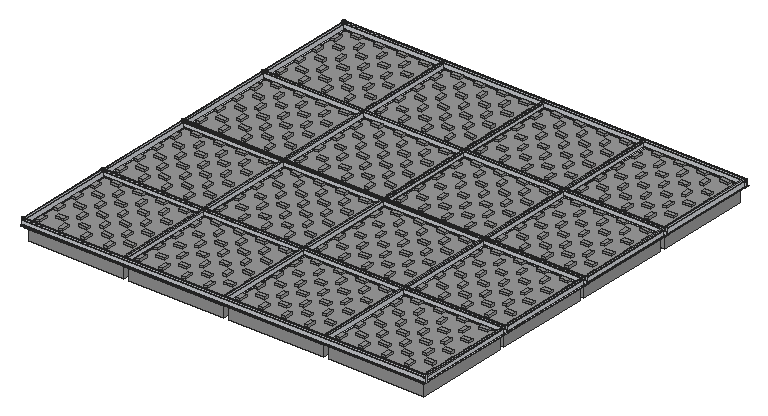
Revit family "GRD-FPG-011_RFA", category Modelos genéricos, Revit 2022 (continued)
Forms (in)
  Extrusion 341, solid
    sketch origin (10.90256, -82.93011, 0) x (1, 0, 0) y (0, 1, 0)
      loop
        line (3.29187, 95.84361) -> (3.29187, 94.89864) -> (5.29187, 94.89864) -> (5.29187, 95.84361) -> (3.29187, 95.84361)
    from 0.55734 to 1.02978
  Extrusion 342, solid
    sketch origin (16.35384, -82.93011, 0) x (1, 0, 0) y (0, 1, 0)
      loop
        line (3.29187, 95.84361) -> (3.29187, 94.89864) -> (5.29187, 94.89864) -> (5.29187, 95.84361) -> (3.29187, 95.84361)
    from 0.55734 to 1.02978
  Extrusion 343, solid
    sketch origin (0, -88.38139, 0) x (1, 0, 0) y (0, 1, 0)
      loop
        line (3.29187, 95.84361) -> (3.29187, 94.89864) -> (5.29187, 94.89864) -> (5.29187, 95.84361) -> (3.29187, 95.84361)
    from 0.55734 to 1.02978
  Extrusion 344, solid
    sketch origin (5.45128, -88.38139, 0) x (1, 0, 0) y (0, 1, 0)
      loop
        line (3.29187, 95.84361) -> (3.29187, 94.89864) -> (5.29187, 94.89864) -> (5.29187, 95.84361) -> (3.29187, 95.84361)
    from 0.55734 to 1.02978
  Extrusion 345, solid
    sketch origin (10.90256, -88.38139, 0) x (1, 0, 0) y (0, 1, 0)
      loop
        line (3.29187, 95.84361) -> (3.29187, 94.89864) -> (5.29187, 94.89864) -> (5.29187, 95.84361) -> (3.29187, 95.84361)
    from 0.55734 to 1.02978
  Extrusion 346, solid
    sketch origin (16.35384, -88.38139, 0) x (1, 0, 0) y (0, 1, 0)
      loop
        line (3.29187, 95.84361) -> (3.29187, 94.89864) -> (5.29187, 94.89864) -> (5.29187, 95.84361) -> (3.29187, 95.84361)
    from 0.55734 to 1.02978
  Extrusion 347, solid
    sketch origin (0, -93.83263, 0) x (1, 0, 0) y (0, 1, 0)
      loop
        line (3.29187, 95.84361) -> (3.29187, 94.89864) -> (5.29187, 94.89864) -> (5.29187, 95.84361) -> (3.29187, 95.84361)
    from 0.55734 to 1.02978
  Extrusion 348, solid
    sketch origin (5.45128, -93.83263, 0) x (1, 0, 0) y (0, 1, 0)
      loop
        line (3.29187, 95.84361) -> (3.29187, 94.89864) -> (5.29187, 94.89864) -> (5.29187, 95.84361) -> (3.29187, 95.84361)
    from 0.55734 to 1.02978
  Extrusion 349, solid
    sketch origin (10.90256, -93.83263, 0) x (1, 0, 0) y (0, 1, 0)
      loop
        line (3.29187, 95.84361) -> (3.29187, 94.89864) -> (5.29187, 94.89864) -> (5.29187, 95.84361) -> (3.29187, 95.84361)
    from 0.55734 to 1.02978
  Extrusion 350, solid
    sketch origin (16.35384, -93.83263, 0) x (1, 0, 0) y (0, 1, 0)
      loop
        line (3.29187, 95.84361) -> (3.29187, 94.89864) -> (5.29187, 94.89864) -> (5.29187, 95.84361) -> (3.29187, 95.84361)
    from 0.55734 to 1.02978
  Extrusion 351, solid
    sketch origin (-2.19813, -86.18325, 0) x (1, 0, 0) y (0, 1, 0)
      loop
        line (3.29187, 96.8986) -> (3.29187, 94.89864) -> (4.23675, 94.89864) -> (4.23675, 96.8986) -> (3.29187, 96.8986)
    from 0.55734 to 1.02978
  Extrusion 352, solid
    sketch origin (-2.19813, -91.63452, 0) x (1, 0, 0) y (0, 1, 0)
      loop
        line (3.29187, 96.8986) -> (3.29187, 94.89864) -> (4.23675, 94.89864) -> (4.23675, 96.8986) -> (3.29187, 96.8986)
    from 0.55734 to 1.02978
  Extrusion 353, solid
    sketch origin (-2.19813, -80.73196, 0) x (1, 0, 0) y (0, 1, 0)
      loop
        line (3.29187, 96.8986) -> (3.29187, 94.89864) -> (4.23675, 94.89864) -> (4.23675, 96.8986) -> (3.29187, 96.8986)
    from 0.55734 to 1.02978
  Extrusion 354, solid
    sketch origin (-2.19813, -75.28068, 0) x (1, 0, 0) y (0, 1, 0)
      loop
        line (3.29187, 96.8986) -> (3.29187, 94.89864) -> (4.23675, 94.89864) -> (4.23675, 96.8986) -> (3.29187, 96.8986)
    from 0.55734 to 1.02978
  Extrusion 355, solid
    sketch origin (3.2532, -86.18325, 0) x (1, 0, 0) y (0, 1, 0)
      loop
        line (3.29187, 96.8986) -> (3.29187, 94.89864) -> (4.23675, 94.89864) -> (4.23675, 96.8986) -> (3.29187, 96.8986)
    from 0.55734 to 1.02978
  Extrusion 356, solid
    sketch origin (3.2532, -91.63452, 0) x (1, 0, 0) y (0, 1, 0)
      loop
        line (3.29187, 96.8986) -> (3.29187, 94.89864) -> (4.23675, 94.89864) -> (4.23675, 96.8986) -> (3.29187, 96.8986)
    from 0.55734 to 1.02978
  Extrusion 357, solid
    sketch origin (3.2532, -80.73196, 0) x (1, 0, 0) y (0, 1, 0)
      loop
        line (3.29187, 96.8986) -> (3.29187, 94.89864) -> (4.23675, 94.89864) -> (4.23675, 96.8986) -> (3.29187, 96.8986)
    from 0.55734 to 1.02978
  Extrusion 358, solid
    sketch origin (3.2532, -75.28068, 0) x (1, 0, 0) y (0, 1, 0)
      loop
        line (3.29187, 96.8986) -> (3.29187, 94.89864) -> (4.23675, 94.89864) -> (4.23675, 96.8986) -> (3.29187, 96.8986)
    from 0.55734 to 1.02978
  Extrusion 359, solid
    sketch origin (8.70448, -86.18325, 0) x (1, 0, 0) y (0, 1, 0)
      loop
        line (3.29187, 96.8986) -> (3.29187, 94.89864) -> (4.23675, 94.89864) -> (4.23675, 96.8986) -> (3.29187, 96.8986)
    from 0.55734 to 1.02978
  Extrusion 360, solid
    sketch origin (8.70448, -91.63452, 0) x (1, 0, 0) y (0, 1, 0)
      loop
        line (3.29187, 96.8986) -> (3.29187, 94.89864) -> (4.23675, 94.89864) -> (4.23675, 96.8986) -> (3.29187, 96.8986)
    from 0.55734 to 1.02978
  Extrusion 361, solid
    sketch origin (8.70448, -80.73196, 0) x (1, 0, 0) y (0, 1, 0)
      loop
        line (3.29187, 96.8986) -> (3.29187, 94.89864) -> (4.23675, 94.89864) -> (4.23675, 96.8986) -> (3.29187, 96.8986)
    from 0.55734 to 1.02978
  Extrusion 362, solid
    sketch origin (8.70448, -75.28068, 0) x (1, 0, 0) y (0, 1, 0)
      loop
        line (3.29187, 96.8986) -> (3.29187, 94.89864) -> (4.23675, 94.89864) -> (4.23675, 96.8986) -> (3.29187, 96.8986)
    from 0.55734 to 1.02978
  Extrusion 363, solid
    sketch origin (14.15576, -86.18325, 0) x (1, 0, 0) y (0, 1, 0)
      loop
        line (3.29187, 96.8986) -> (3.29187, 94.89864) -> (4.23675, 94.89864) -> (4.23675, 96.8986) -> (3.29187, 96.8986)
    from 0.55734 to 1.02978
  Extrusion 364, solid
    sketch origin (14.15576, -91.63452, 0) x (1, 0, 0) y (0, 1, 0)
      loop
        line (3.29187, 96.8986) -> (3.29187, 94.89864) -> (4.23675, 94.89864) -> (4.23675, 96.8986) -> (3.29187, 96.8986)
    from 0.55734 to 1.02978
  Extrusion 365, solid
    sketch origin (14.15576, -80.73196, 0) x (1, 0, 0) y (0, 1, 0)
      loop
        line (3.29187, 96.8986) -> (3.29187, 94.89864) -> (4.23675, 94.89864) -> (4.23675, 96.8986) -> (3.29187, 96.8986)
    from 0.55734 to 1.02978
  Extrusion 366, solid
    sketch origin (14.15576, -75.28068, 0) x (1, 0, 0) y (0, 1, 0)
      loop
        line (3.29187, 96.8986) -> (3.29187, 94.89864) -> (4.23675, 94.89864) -> (4.23675, 96.8986) -> (3.29187, 96.8986)
    from 0.55734 to 1.02978
  Extrusion 367, solid
    sketch origin (19.607, -86.18325, 0) x (1, 0, 0) y (0, 1, 0)
      loop
        line (3.29187, 96.8986) -> (3.29187, 94.89864) -> (4.23675, 94.89864) -> (4.23675, 96.8986) -> (3.29187, 96.8986)
    from 0.55734 to 1.02978
  Extrusion 368, solid
    sketch origin (19.607, -91.63452, 0) x (1, 0, 0) y (0, 1, 0)
      loop
        line (3.29187, 96.8986) -> (3.29187, 94.89864) -> (4.23675, 94.89864) -> (4.23675, 96.8986) -> (3.29187, 96.8986)
    from 0.55734 to 1.02978
  Extrusion 369, solid
    sketch origin (19.607, -80.73196, 0) x (1, 0, 0) y (0, 1, 0)
      loop
        line (3.29187, 96.8986) -> (3.29187, 94.89864) -> (4.23675, 94.89864) -> (4.23675, 96.8986) -> (3.29187, 96.8986)
    from 0.55734 to 1.02978
  Extrusion 370, solid
    sketch origin (19.607, -75.28068, 0) x (1, 0, 0) y (0, 1, 0)
      loop
        line (3.29187, 96.8986) -> (3.29187, 94.89864) -> (4.23675, 94.89864) -> (4.23675, 96.8986) -> (3.29187, 96.8986)
    from 0.55734 to 1.02978
  Extrusion 371, solid, not visible
    sketch origin (0, -72.02758, 0) x (1, 0, 0) y (0, 1, 0)
      loop
        line (3.29187, 95.84361) -> (3.29187, 94.89864) -> (5.29187, 94.89864) -> (5.29187, 95.84361) -> (3.29187, 95.84361)
    from 0.55734 to 1.02978
  Extrusion 372, solid, not visible
    sketch origin (5.45128, -72.02758, 0) x (1, 0, 0) y (0, 1, 0)
      loop
        line (3.29187, 95.84361) -> (3.29187, 94.89864) -> (5.29187, 94.89864) -> (5.29187, 95.84361) -> (3.29187, 95.84361)
    from 0.55734 to 1.02978
  Extrusion 373, solid, not visible
    sketch origin (10.90256, -72.02758, 0) x (1, 0, 0) y (0, 1, 0)
      loop
        line (3.29187, 95.84361) -> (3.29187, 94.89864) -> (5.29187, 94.89864) -> (5.29187, 95.84361) -> (3.29187, 95.84361)
    from 0.55734 to 1.02978
  Extrusion 374, solid, not visible
    sketch origin (16.35384, -72.02758, 0) x (1, 0, 0) y (0, 1, 0)
      loop
        line (3.29187, 95.84361) -> (3.29187, 94.89864) -> (5.29187, 94.89864) -> (5.29187, 95.84361) -> (3.29187, 95.84361)
    from 0.55734 to 1.02978
  Extrusion 375, solid, not visible
    sketch origin (0, -77.47883, 0) x (1, 0, 0) y (0, 1, 0)
      loop
        line (3.29187, 95.84361) -> (3.29187, 94.89864) -> (5.29187, 94.89864) -> (5.29187, 95.84361) -> (3.29187, 95.84361)
    from 0.55734 to 1.02978
  Extrusion 376, solid, not visible
    sketch origin (5.45128, -77.47883, 0) x (1, 0, 0) y (0, 1, 0)
      loop
        line (3.29187, 95.84361) -> (3.29187, 94.89864) -> (5.29187, 94.89864) -> (5.29187, 95.84361) -> (3.29187, 95.84361)
    from 0.55734 to 1.02978
  Extrusion 377, solid, not visible
    sketch origin (10.90256, -77.47883, 0) x (1, 0, 0) y (0, 1, 0)
      loop
        line (3.29187, 95.84361) -> (3.29187, 94.89864) -> (5.29187, 94.89864) -> (5.29187, 95.84361) -> (3.29187, 95.84361)
    from 0.55734 to 1.02978
  Extrusion 378, solid, not visible
    sketch origin (16.35384, -77.47883, 0) x (1, 0, 0) y (0, 1, 0)
      loop
        line (3.29187, 95.84361) -> (3.29187, 94.89864) -> (5.29187, 94.89864) -> (5.29187, 95.84361) -> (3.29187, 95.84361)
    from 0.55734 to 1.02978
  Extrusion 379, solid, not visible
    sketch origin (0, -82.93011, 0) x (1, 0, 0) y (0, 1, 0)
      loop
        line (3.29187, 95.84361) -> (3.29187, 94.89864) -> (5.29187, 94.89864) -> (5.29187, 95.84361) -> (3.29187, 95.84361)
    from 0.55734 to 1.02978
  Extrusion 380, solid, not visible
    sketch origin (5.45128, -82.93011, 0) x (1, 0, 0) y (0, 1, 0)
      loop
        line (3.29187, 95.84361) -> (3.29187, 94.89864) -> (5.29187, 94.89864) -> (5.29187, 95.84361) -> (3.29187, 95.84361)
    from 0.55734 to 1.02978
  Extrusion 381, solid, not visible
    sketch origin (10.90256, -82.93011, 0) x (1, 0, 0) y (0, 1, 0)
      loop
        line (3.29187, 95.84361) -> (3.29187, 94.89864) -> (5.29187, 94.89864) -> (5.29187, 95.84361) -> (3.29187, 95.84361)
    from 0.55734 to 1.02978
  Extrusion 382, solid, not visible
    sketch origin (16.35384, -82.93011, 0) x (1, 0, 0) y (0, 1, 0)
      loop
        line (3.29187, 95.84361) -> (3.29187, 94.89864) -> (5.29187, 94.89864) -> (5.29187, 95.84361) -> (3.29187, 95.84361)
    from 0.55734 to 1.02978
  Extrusion 383, solid, not visible
    sketch origin (0, -88.38139, 0) x (1, 0, 0) y (0, 1, 0)
      loop
        line (3.29187, 95.84361) -> (3.29187, 94.89864) -> (5.29187, 94.89864) -> (5.29187, 95.84361) -> (3.29187, 95.84361)
    from 0.55734 to 1.02978
  Extrusion 384, solid, not visible
    sketch origin (5.45128, -88.38139, 0) x (1, 0, 0) y (0, 1, 0)
      loop
        line (3.29187, 95.84361) -> (3.29187, 94.89864) -> (5.29187, 94.89864) -> (5.29187, 95.84361) -> (3.29187, 95.84361)
    from 0.55734 to 1.02978
  Extrusion 385, solid, not visible
    sketch origin (10.90256, -88.38139, 0) x (1, 0, 0) y (0, 1, 0)
      loop
        line (3.29187, 95.84361) -> (3.29187, 94.89864) -> (5.29187, 94.89864) -> (5.29187, 95.84361) -> (3.29187, 95.84361)
    from 0.55734 to 1.02978
  Extrusion 386, solid, not visible
    sketch origin (16.35384, -88.38139, 0) x (1, 0, 0) y (0, 1, 0)
      loop
        line (3.29187, 95.84361) -> (3.29187, 94.89864) -> (5.29187, 94.89864) -> (5.29187, 95.84361) -> (3.29187, 95.84361)
    from 0.55734 to 1.02978
  Extrusion 387, solid, not visible
    sketch origin (0, -93.83263, 0) x (1, 0, 0) y (0, 1, 0)
      loop
        line (3.29187, 95.84361) -> (3.29187, 94.89864) -> (5.29187, 94.89864) -> (5.29187, 95.84361) -> (3.29187, 95.84361)
    from 0.55734 to 1.02978
  Extrusion 388, solid, not visible
    sketch origin (5.45128, -93.83263, 0) x (1, 0, 0) y (0, 1, 0)
      loop
        line (3.29187, 95.84361) -> (3.29187, 94.89864) -> (5.29187, 94.89864) -> (5.29187, 95.84361) -> (3.29187, 95.84361)
    from 0.55734 to 1.02978
  Extrusion 389, solid, not visible
    sketch origin (10.90256, -93.83263, 0) x (1, 0, 0) y (0, 1, 0)
      loop
        line (3.29187, 95.84361) -> (3.29187, 94.89864) -> (5.29187, 94.89864) -> (5.29187, 95.84361) -> (3.29187, 95.84361)
    from 0.55734 to 1.02978
  Extrusion 390, solid, not visible
    sketch origin (16.35384, -93.83263, 0) x (1, 0, 0) y (0, 1, 0)
      loop
        line (3.29187, 95.84361) -> (3.29187, 94.89864) -> (5.29187, 94.89864) -> (5.29187, 95.84361) -> (3.29187, 95.84361)
    from 0.55734 to 1.02978
  Extrusion 391, solid, not visible
    sketch origin (-2.19813, -86.18325, 0) x (1, 0, 0) y (0, 1, 0)
      loop
        line (3.29187, 96.8986) -> (3.29187, 94.89864) -> (4.23675, 94.89864) -> (4.23675, 96.8986) -> (3.29187, 96.8986)
    from 0.55734 to 1.02978
  Extrusion 392, solid, not visible
    sketch origin (-2.19813, -91.63452, 0) x (1, 0, 0) y (0, 1, 0)
      loop
        line (3.29187, 96.8986) -> (3.29187, 94.89864) -> (4.23675, 94.89864) -> (4.23675, 96.8986) -> (3.29187, 96.8986)
    from 0.55734 to 1.02978
  Extrusion 393, solid, not visible
    sketch origin (-2.19813, -80.73196, 0) x (1, 0, 0) y (0, 1, 0)
      loop
        line (3.29187, 96.8986) -> (3.29187, 94.89864) -> (4.23675, 94.89864) -> (4.23675, 96.8986) -> (3.29187, 96.8986)
    from 0.55734 to 1.02978
  Extrusion 394, solid, not visible
    sketch origin (-2.19813, -75.28068, 0) x (1, 0, 0) y (0, 1, 0)
      loop
        line (3.29187, 96.8986) -> (3.29187, 94.89864) -> (4.23675, 94.89864) -> (4.23675, 96.8986) -> (3.29187, 96.8986)
    from 0.55734 to 1.02978
  Extrusion 395, solid, not visible
    sketch origin (3.2532, -86.18325, 0) x (1, 0, 0) y (0, 1, 0)
      loop
        line (3.29187, 96.8986) -> (3.29187, 94.89864) -> (4.23675, 94.89864) -> (4.23675, 96.8986) -> (3.29187, 96.8986)
    from 0.55734 to 1.02978
  Extrusion 396, solid, not visible
    sketch origin (3.2532, -91.63452, 0) x (1, 0, 0) y (0, 1, 0)
      loop
        line (3.29187, 96.8986) -> (3.29187, 94.89864) -> (4.23675, 94.89864) -> (4.23675, 96.8986) -> (3.29187, 96.8986)
    from 0.55734 to 1.02978
  Extrusion 397, solid, not visible
    sketch origin (3.2532, -80.73196, 0) x (1, 0, 0) y (0, 1, 0)
      loop
        line (3.29187, 96.8986) -> (3.29187, 94.89864) -> (4.23675, 94.89864) -> (4.23675, 96.8986) -> (3.29187, 96.8986)
    from 0.55734 to 1.02978
  Extrusion 398, solid, not visible
    sketch origin (3.2532, -75.28068, 0) x (1, 0, 0) y (0, 1, 0)
      loop
        line (3.29187, 96.8986) -> (3.29187, 94.89864) -> (4.23675, 94.89864) -> (4.23675, 96.8986) -> (3.29187, 96.8986)
    from 0.55734 to 1.02978
  Extrusion 399, solid, not visible
    sketch origin (8.70448, -86.18325, 0) x (1, 0, 0) y (0, 1, 0)
      loop
        line (3.29187, 96.8986) -> (3.29187, 94.89864) -> (4.23675, 94.89864) -> (4.23675, 96.8986) -> (3.29187, 96.8986)
    from 0.55734 to 1.02978
  Extrusion 400, solid, not visible
    sketch origin (8.70448, -91.63452, 0) x (1, 0, 0) y (0, 1, 0)
      loop
        line (3.29187, 96.8986) -> (3.29187, 94.89864) -> (4.23675, 94.89864) -> (4.23675, 96.8986) -> (3.29187, 96.8986)
    from 0.55734 to 1.02978
  Extrusion 401, solid, not visible
    sketch origin (8.70448, -80.73196, 0) x (1, 0, 0) y (0, 1, 0)
      loop
        line (3.29187, 96.8986) -> (3.29187, 94.89864) -> (4.23675, 94.89864) -> (4.23675, 96.8986) -> (3.29187, 96.8986)
    from 0.55734 to 1.02978
  Extrusion 402, solid, not visible
    sketch origin (8.70448, -75.28068, 0) x (1, 0, 0) y (0, 1, 0)
      loop
        line (3.29187, 96.8986) -> (3.29187, 94.89864) -> (4.23675, 94.89864) -> (4.23675, 96.8986) -> (3.29187, 96.8986)
    from 0.55734 to 1.02978
  Extrusion 403, solid, not visible
    sketch origin (14.15576, -86.18325, 0) x (1, 0, 0) y (0, 1, 0)
      loop
        line (3.29187, 96.8986) -> (3.29187, 94.89864) -> (4.23675, 94.89864) -> (4.23675, 96.8986) -> (3.29187, 96.8986)
    from 0.55734 to 1.02978
  Extrusion 404, solid, not visible
    sketch origin (14.15576, -91.63452, 0) x (1, 0, 0) y (0, 1, 0)
      loop
        line (3.29187, 96.8986) -> (3.29187, 94.89864) -> (4.23675, 94.89864) -> (4.23675, 96.8986) -> (3.29187, 96.8986)
    from 0.55734 to 1.02978
  Extrusion 405, solid, not visible
    sketch origin (14.15576, -80.73196, 0) x (1, 0, 0) y (0, 1, 0)
      loop
        line (3.29187, 96.8986) -> (3.29187, 94.89864) -> (4.23675, 94.89864) -> (4.23675, 96.8986) -> (3.29187, 96.8986)
    from 0.55734 to 1.02978
  Extrusion 406, solid, not visible
    sketch origin (14.15576, -75.28068, 0) x (1, 0, 0) y (0, 1, 0)
      loop
        line (3.29187, 96.8986) -> (3.29187, 94.89864) -> (4.23675, 94.89864) -> (4.23675, 96.8986) -> (3.29187, 96.8986)
    from 0.55734 to 1.02978
  Extrusion 407, solid, not visible
    sketch origin (19.607, -86.18325, 0) x (1, 0, 0) y (0, 1, 0)
      loop
        line (3.29187, 96.8986) -> (3.29187, 94.89864) -> (4.23675, 94.89864) -> (4.23675, 96.8986) -> (3.29187, 96.8986)
    from 0.55734 to 1.02978
  Extrusion 408, solid, not visible
    sketch origin (19.607, -91.63452, 0) x (1, 0, 0) y (0, 1, 0)
      loop
        line (3.29187, 96.8986) -> (3.29187, 94.89864) -> (4.23675, 94.89864) -> (4.23675, 96.8986) -> (3.29187, 96.8986)
    from 0.55734 to 1.02978
  Extrusion 409, solid, not visible
    sketch origin (19.607, -80.73196, 0) x (1, 0, 0) y (0, 1, 0)
      loop
        line (3.29187, 96.8986) -> (3.29187, 94.89864) -> (4.23675, 94.89864) -> (4.23675, 96.8986) -> (3.29187, 96.8986)
    from 0.55734 to 1.02978
  Extrusion 410, solid, not visible
    sketch origin (19.607, -75.28068, 0) x (1, 0, 0) y (0, 1, 0)
      loop
        line (3.29187, 96.8986) -> (3.29187, 94.89864) -> (4.23675, 94.89864) -> (4.23675, 96.8986) -> (3.29187, 96.8986)
    from 0.55734 to 1.02978
  Extrusion 411, solid
    sketch origin (24.00458, -72.02758, 0) x (1, 0, 0) y (0, 1, 0)
      loop
        line (3.29187, 95.84361) -> (3.29187, 94.89864) -> (5.29187, 94.89864) -> (5.29187, 95.84361) -> (3.29187, 95.84361)
    from 0.55734 to 1.02978
  Extrusion 412, solid
    sketch origin (29.45586, -72.02758, 0) x (1, 0, 0) y (0, 1, 0)
      loop
        line (3.29187, 95.84361) -> (3.29187, 94.89864) -> (5.29187, 94.89864) -> (5.29187, 95.84361) -> (3.29187, 95.84361)
    from 0.55734 to 1.02978
  Extrusion 413, solid
    sketch origin (34.90714, -72.02758, 0) x (1, 0, 0) y (0, 1, 0)
      loop
        line (3.29187, 95.84361) -> (3.29187, 94.89864) -> (5.29187, 94.89864) -> (5.29187, 95.84361) -> (3.29187, 95.84361)
    from 0.55734 to 1.02978
  Extrusion 414, solid
    sketch origin (40.35842, -72.02758, 0) x (1, 0, 0) y (0, 1, 0)
      loop
        line (3.29187, 95.84361) -> (3.29187, 94.89864) -> (5.29187, 94.89864) -> (5.29187, 95.84361) -> (3.29187, 95.84361)
    from 0.55734 to 1.02978
  Extrusion 415, solid
    sketch origin (24.00458, -77.47883, 0) x (1, 0, 0) y (0, 1, 0)
      loop
        line (3.29187, 95.84361) -> (3.29187, 94.89864) -> (5.29187, 94.89864) -> (5.29187, 95.84361) -> (3.29187, 95.84361)
    from 0.55734 to 1.02978
  Extrusion 416, solid
    sketch origin (29.45586, -77.47883, 0) x (1, 0, 0) y (0, 1, 0)
      loop
        line (3.29187, 95.84361) -> (3.29187, 94.89864) -> (5.29187, 94.89864) -> (5.29187, 95.84361) -> (3.29187, 95.84361)
    from 0.55734 to 1.02978
  Extrusion 417, solid
    sketch origin (34.90714, -77.47883, 0) x (1, 0, 0) y (0, 1, 0)
      loop
        line (3.29187, 95.84361) -> (3.29187, 94.89864) -> (5.29187, 94.89864) -> (5.29187, 95.84361) -> (3.29187, 95.84361)
    from 0.55734 to 1.02978
  Extrusion 418, solid
    sketch origin (40.35842, -77.47883, 0) x (1, 0, 0) y (0, 1, 0)
      loop
        line (3.29187, 95.84361) -> (3.29187, 94.89864) -> (5.29187, 94.89864) -> (5.29187, 95.84361) -> (3.29187, 95.84361)
    from 0.55734 to 1.02978
  Extrusion 419, solid
    sketch origin (24.00458, -82.93011, 0) x (1, 0, 0) y (0, 1, 0)
      loop
        line (3.29187, 95.84361) -> (3.29187, 94.89864) -> (5.29187, 94.89864) -> (5.29187, 95.84361) -> (3.29187, 95.84361)
    from 0.55734 to 1.02978
  Extrusion 420, solid
    sketch origin (29.45586, -82.93011, 0) x (1, 0, 0) y (0, 1, 0)
      loop
        line (3.29187, 95.84361) -> (3.29187, 94.89864) -> (5.29187, 94.89864) -> (5.29187, 95.84361) -> (3.29187, 95.84361)
    from 0.55734 to 1.02978
  Extrusion 421, solid
    sketch origin (34.90714, -82.93011, 0) x (1, 0, 0) y (0, 1, 0)
      loop
        line (3.29187, 95.84361) -> (3.29187, 94.89864) -> (5.29187, 94.89864) -> (5.29187, 95.84361) -> (3.29187, 95.84361)
    from 0.55734 to 1.02978
  Extrusion 422, solid
    sketch origin (40.35842, -82.93011, 0) x (1, 0, 0) y (0, 1, 0)
      loop
        line (3.29187, 95.84361) -> (3.29187, 94.89864) -> (5.29187, 94.89864) -> (5.29187, 95.84361) -> (3.29187, 95.84361)
    from 0.55734 to 1.02978
  Extrusion 423, solid
    sketch origin (24.00458, -88.38139, 0) x (1, 0, 0) y (0, 1, 0)
      loop
        line (3.29187, 95.84361) -> (3.29187, 94.89864) -> (5.29187, 94.89864) -> (5.29187, 95.84361) -> (3.29187, 95.84361)
    from 0.55734 to 1.02978
  Extrusion 424, solid
    sketch origin (29.45586, -88.38139, 0) x (1, 0, 0) y (0, 1, 0)
      loop
        line (3.29187, 95.84361) -> (3.29187, 94.89864) -> (5.29187, 94.89864) -> (5.29187, 95.84361) -> (3.29187, 95.84361)
    from 0.55734 to 1.02978
  Extrusion 425, solid
    sketch origin (34.90714, -88.38139, 0) x (1, 0, 0) y (0, 1, 0)
      loop
        line (3.29187, 95.84361) -> (3.29187, 94.89864) -> (5.29187, 94.89864) -> (5.29187, 95.84361) -> (3.29187, 95.84361)
    from 0.55734 to 1.02978
  Extrusion 426, solid
    sketch origin (40.35842, -88.38139, 0) x (1, 0, 0) y (0, 1, 0)
      loop
        line (3.29187, 95.84361) -> (3.29187, 94.89864) -> (5.29187, 94.89864) -> (5.29187, 95.84361) -> (3.29187, 95.84361)
    from 0.55734 to 1.02978
  Extrusion 427, solid
    sketch origin (24.00458, -93.83263, 0) x (1, 0, 0) y (0, 1, 0)
      loop
        line (3.29187, 95.84361) -> (3.29187, 94.89864) -> (5.29187, 94.89864) -> (5.29187, 95.84361) -> (3.29187, 95.84361)
    from 0.55734 to 1.02978
  Extrusion 428, solid
    sketch origin (29.45586, -93.83263, 0) x (1, 0, 0) y (0, 1, 0)
      loop
        line (3.29187, 95.84361) -> (3.29187, 94.89864) -> (5.29187, 94.89864) -> (5.29187, 95.84361) -> (3.29187, 95.84361)
    from 0.55734 to 1.02978
  Extrusion 429, solid
    sketch origin (34.90714, -93.83263, 0) x (1, 0, 0) y (0, 1, 0)
      loop
        line (3.29187, 95.84361) -> (3.29187, 94.89864) -> (5.29187, 94.89864) -> (5.29187, 95.84361) -> (3.29187, 95.84361)
    from 0.55734 to 1.02978
  Extrusion 430, solid
    sketch origin (40.35842, -93.83263, 0) x (1, 0, 0) y (0, 1, 0)
      loop
        line (3.29187, 95.84361) -> (3.29187, 94.89864) -> (5.29187, 94.89864) -> (5.29187, 95.84361) -> (3.29187, 95.84361)
    from 0.55734 to 1.02978
  Extrusion 431, solid
    sketch origin (21.80644, -86.18325, 0) x (1, 0, 0) y (0, 1, 0)
      loop
        line (3.29187, 96.8986) -> (3.29187, 94.89864) -> (4.23675, 94.89864) -> (4.23675, 96.8986) -> (3.29187, 96.8986)
    from 0.55734 to 1.02978
  Extrusion 432, solid
    sketch origin (21.80644, -91.63452, 0) x (1, 0, 0) y (0, 1, 0)
      loop
        line (3.29187, 96.8986) -> (3.29187, 94.89864) -> (4.23675, 94.89864) -> (4.23675, 96.8986) -> (3.29187, 96.8986)
    from 0.55734 to 1.02978
  Extrusion 433, solid
    sketch origin (21.80644, -80.73196, 0) x (1, 0, 0) y (0, 1, 0)
      loop
        line (3.29187, 96.8986) -> (3.29187, 94.89864) -> (4.23675, 94.89864) -> (4.23675, 96.8986) -> (3.29187, 96.8986)
    from 0.55734 to 1.02978
  Extrusion 434, solid
    sketch origin (21.80644, -75.28068, 0) x (1, 0, 0) y (0, 1, 0)
      loop
        line (3.29187, 96.8986) -> (3.29187, 94.89864) -> (4.23675, 94.89864) -> (4.23675, 96.8986) -> (3.29187, 96.8986)
    from 0.55734 to 1.02978
  Extrusion 435, solid
    sketch origin (27.25778, -86.18325, 0) x (1, 0, 0) y (0, 1, 0)
      loop
        line (3.29187, 96.8986) -> (3.29187, 94.89864) -> (4.23675, 94.89864) -> (4.23675, 96.8986) -> (3.29187, 96.8986)
    from 0.55734 to 1.02978
  Extrusion 436, solid
    sketch origin (27.25778, -91.63452, 0) x (1, 0, 0) y (0, 1, 0)
      loop
        line (3.29187, 96.8986) -> (3.29187, 94.89864) -> (4.23675, 94.89864) -> (4.23675, 96.8986) -> (3.29187, 96.8986)
    from 0.55734 to 1.02978
  Extrusion 437, solid
    sketch origin (27.25778, -80.73196, 0) x (1, 0, 0) y (0, 1, 0)
      loop
        line (3.29187, 96.8986) -> (3.29187, 94.89864) -> (4.23675, 94.89864) -> (4.23675, 96.8986) -> (3.29187, 96.8986)
    from 0.55734 to 1.02978
  Extrusion 438, solid
    sketch origin (27.25778, -75.28068, 0) x (1, 0, 0) y (0, 1, 0)
      loop
        line (3.29187, 96.8986) -> (3.29187, 94.89864) -> (4.23675, 94.89864) -> (4.23675, 96.8986) -> (3.29187, 96.8986)
    from 0.55734 to 1.02978
  Extrusion 439, solid
    sketch origin (32.70905, -86.18325, 0) x (1, 0, 0) y (0, 1, 0)
      loop
        line (3.29187, 96.8986) -> (3.29187, 94.89864) -> (4.23675, 94.89864) -> (4.23675, 96.8986) -> (3.29187, 96.8986)
    from 0.55734 to 1.02978
  Extrusion 440, solid
    sketch origin (32.70905, -91.63452, 0) x (1, 0, 0) y (0, 1, 0)
      loop
        line (3.29187, 96.8986) -> (3.29187, 94.89864) -> (4.23675, 94.89864) -> (4.23675, 96.8986) -> (3.29187, 96.8986)
    from 0.55734 to 1.02978
  Extrusion 441, solid
    sketch origin (32.70905, -80.73196, 0) x (1, 0, 0) y (0, 1, 0)
      loop
        line (3.29187, 96.8986) -> (3.29187, 94.89864) -> (4.23675, 94.89864) -> (4.23675, 96.8986) -> (3.29187, 96.8986)
    from 0.55734 to 1.02978
  Extrusion 442, solid
    sketch origin (32.70905, -75.28068, 0) x (1, 0, 0) y (0, 1, 0)
      loop
        line (3.29187, 96.8986) -> (3.29187, 94.89864) -> (4.23675, 94.89864) -> (4.23675, 96.8986) -> (3.29187, 96.8986)
    from 0.55734 to 1.02978
  Extrusion 443, solid
    sketch origin (38.16033, -86.18325, 0) x (1, 0, 0) y (0, 1, 0)
      loop
        line (3.29187, 96.8986) -> (3.29187, 94.89864) -> (4.23675, 94.89864) -> (4.23675, 96.8986) -> (3.29187, 96.8986)
    from 0.55734 to 1.02978
  Extrusion 444, solid
    sketch origin (38.16033, -91.63452, 0) x (1, 0, 0) y (0, 1, 0)
      loop
        line (3.29187, 96.8986) -> (3.29187, 94.89864) -> (4.23675, 94.89864) -> (4.23675, 96.8986) -> (3.29187, 96.8986)
    from 0.55734 to 1.02978
  Extrusion 445, solid
    sketch origin (38.16033, -80.73196, 0) x (1, 0, 0) y (0, 1, 0)
      loop
        line (3.29187, 96.8986) -> (3.29187, 94.89864) -> (4.23675, 94.89864) -> (4.23675, 96.8986) -> (3.29187, 96.8986)
    from 0.55734 to 1.02978
  Extrusion 446, solid
    sketch origin (38.16033, -75.28068, 0) x (1, 0, 0) y (0, 1, 0)
      loop
        line (3.29187, 96.8986) -> (3.29187, 94.89864) -> (4.23675, 94.89864) -> (4.23675, 96.8986) -> (3.29187, 96.8986)
    from 0.55734 to 1.02978
  Extrusion 447, solid
    sketch origin (43.61158, -86.18325, 0) x (1, 0, 0) y (0, 1, 0)
      loop
        line (3.29187, 96.8986) -> (3.29187, 94.89864) -> (4.23675, 94.89864) -> (4.23675, 96.8986) -> (3.29187, 96.8986)
    from 0.55734 to 1.02978
  Extrusion 448, solid
    sketch origin (43.61158, -91.63452, 0) x (1, 0, 0) y (0, 1, 0)
      loop
        line (3.29187, 96.8986) -> (3.29187, 94.89864) -> (4.23675, 94.89864) -> (4.23675, 96.8986) -> (3.29187, 96.8986)
    from 0.55734 to 1.02978
  Extrusion 449, solid
    sketch origin (43.61158, -80.73196, 0) x (1, 0, 0) y (0, 1, 0)
      loop
        line (3.29187, 96.8986) -> (3.29187, 94.89864) -> (4.23675, 94.89864) -> (4.23675, 96.8986) -> (3.29187, 96.8986)
    from 0.55734 to 1.02978
  Extrusion 450, solid
    sketch origin (43.61158, -75.28068, 0) x (1, 0, 0) y (0, 1, 0)
      loop
        line (3.29187, 96.8986) -> (3.29187, 94.89864) -> (4.23675, 94.89864) -> (4.23675, 96.8986) -> (3.29187, 96.8986)
    from 0.55734 to 1.02978
  Extrusion 451, solid
    sketch origin (48.00458, -72.02758, 0) x (1, 0, 0) y (0, 1, 0)
      loop
        line (3.29187, 95.84361) -> (3.29187, 94.89864) -> (5.29187, 94.89864) -> (5.29187, 95.84361) -> (3.29187, 95.84361)
    from 0.55734 to 1.02978
  Extrusion 452, solid
    sketch origin (53.45586, -72.02758, 0) x (1, 0, 0) y (0, 1, 0)
      loop
        line (3.29187, 95.84361) -> (3.29187, 94.89864) -> (5.29187, 94.89864) -> (5.29187, 95.84361) -> (3.29187, 95.84361)
    from 0.55734 to 1.02978
  Extrusion 453, solid
    sketch origin (58.90714, -72.02758, 0) x (1, 0, 0) y (0, 1, 0)
      loop
        line (3.29187, 95.84361) -> (3.29187, 94.89864) -> (5.29187, 94.89864) -> (5.29187, 95.84361) -> (3.29187, 95.84361)
    from 0.55734 to 1.02978
  Extrusion 454, solid
    sketch origin (64.35842, -72.02758, 0) x (1, 0, 0) y (0, 1, 0)
      loop
        line (3.29187, 95.84361) -> (3.29187, 94.89864) -> (5.29187, 94.89864) -> (5.29187, 95.84361) -> (3.29187, 95.84361)
    from 0.55734 to 1.02978
  Extrusion 455, solid
    sketch origin (48.00458, -77.47883, 0) x (1, 0, 0) y (0, 1, 0)
      loop
        line (3.29187, 95.84361) -> (3.29187, 94.89864) -> (5.29187, 94.89864) -> (5.29187, 95.84361) -> (3.29187, 95.84361)
    from 0.55734 to 1.02978
  Extrusion 456, solid
    sketch origin (53.45586, -77.47883, 0) x (1, 0, 0) y (0, 1, 0)
      loop
        line (3.29187, 95.84361) -> (3.29187, 94.89864) -> (5.29187, 94.89864) -> (5.29187, 95.84361) -> (3.29187, 95.84361)
    from 0.55734 to 1.02978
  Extrusion 457, solid
    sketch origin (58.90714, -77.47883, 0) x (1, 0, 0) y (0, 1, 0)
      loop
        line (3.29187, 95.84361) -> (3.29187, 94.89864) -> (5.29187, 94.89864) -> (5.29187, 95.84361) -> (3.29187, 95.84361)
    from 0.55734 to 1.02978
  Extrusion 458, solid
    sketch origin (64.35842, -77.47883, 0) x (1, 0, 0) y (0, 1, 0)
      loop
        line (3.29187, 95.84361) -> (3.29187, 94.89864) -> (5.29187, 94.89864) -> (5.29187, 95.84361) -> (3.29187, 95.84361)
    from 0.55734 to 1.02978
  Extrusion 459, solid
    sketch origin (48.00458, -82.93011, 0) x (1, 0, 0) y (0, 1, 0)
      loop
        line (3.29187, 95.84361) -> (3.29187, 94.89864) -> (5.29187, 94.89864) -> (5.29187, 95.84361) -> (3.29187, 95.84361)
    from 0.55734 to 1.02978
  Extrusion 460, solid
    sketch origin (53.45586, -82.93011, 0) x (1, 0, 0) y (0, 1, 0)
      loop
        line (3.29187, 95.84361) -> (3.29187, 94.89864) -> (5.29187, 94.89864) -> (5.29187, 95.84361) -> (3.29187, 95.84361)
    from 0.55734 to 1.02978
  Extrusion 461, solid
    sketch origin (58.90714, -82.93011, 0) x (1, 0, 0) y (0, 1, 0)
      loop
        line (3.29187, 95.84361) -> (3.29187, 94.89864) -> (5.29187, 94.89864) -> (5.29187, 95.84361) -> (3.29187, 95.84361)
    from 0.55734 to 1.02978
  Extrusion 462, solid
    sketch origin (64.35842, -82.93011, 0) x (1, 0, 0) y (0, 1, 0)
      loop
        line (3.29187, 95.84361) -> (3.29187, 94.89864) -> (5.29187, 94.89864) -> (5.29187, 95.84361) -> (3.29187, 95.84361)
    from 0.55734 to 1.02978
  Extrusion 463, solid
    sketch origin (48.00458, -88.38139, 0) x (1, 0, 0) y (0, 1, 0)
      loop
        line (3.29187, 95.84361) -> (3.29187, 94.89864) -> (5.29187, 94.89864) -> (5.29187, 95.84361) -> (3.29187, 95.84361)
    from 0.55734 to 1.02978
  Extrusion 464, solid
    sketch origin (53.45586, -88.38139, 0) x (1, 0, 0) y (0, 1, 0)
      loop
        line (3.29187, 95.84361) -> (3.29187, 94.89864) -> (5.29187, 94.89864) -> (5.29187, 95.84361) -> (3.29187, 95.84361)
    from 0.55734 to 1.02978
  Extrusion 465, solid
    sketch origin (58.90714, -88.38139, 0) x (1, 0, 0) y (0, 1, 0)
      loop
        line (3.29187, 95.84361) -> (3.29187, 94.89864) -> (5.29187, 94.89864) -> (5.29187, 95.84361) -> (3.29187, 95.84361)
    from 0.55734 to 1.02978
  Extrusion 466, solid
    sketch origin (64.35842, -88.38139, 0) x (1, 0, 0) y (0, 1, 0)
      loop
        line (3.29187, 95.84361) -> (3.29187, 94.89864) -> (5.29187, 94.89864) -> (5.29187, 95.84361) -> (3.29187, 95.84361)
    from 0.55734 to 1.02978
  Extrusion 467, solid
    sketch origin (48.00458, -93.83263, 0) x (1, 0, 0) y (0, 1, 0)
      loop
        line (3.29187, 95.84361) -> (3.29187, 94.89864) -> (5.29187, 94.89864) -> (5.29187, 95.84361) -> (3.29187, 95.84361)
    from 0.55734 to 1.02978
  Extrusion 468, solid
    sketch origin (53.45586, -93.83263, 0) x (1, 0, 0) y (0, 1, 0)
      loop
        line (3.29187, 95.84361) -> (3.29187, 94.89864) -> (5.29187, 94.89864) -> (5.29187, 95.84361) -> (3.29187, 95.84361)
    from 0.55734 to 1.02978
  Extrusion 469, solid
    sketch origin (58.90714, -93.83263, 0) x (1, 0, 0) y (0, 1, 0)
      loop
        line (3.29187, 95.84361) -> (3.29187, 94.89864) -> (5.29187, 94.89864) -> (5.29187, 95.84361) -> (3.29187, 95.84361)
    from 0.55734 to 1.02978
  Extrusion 470, solid
    sketch origin (64.35842, -93.83263, 0) x (1, 0, 0) y (0, 1, 0)
      loop
        line (3.29187, 95.84361) -> (3.29187, 94.89864) -> (5.29187, 94.89864) -> (5.29187, 95.84361) -> (3.29187, 95.84361)
    from 0.55734 to 1.02978
  Extrusion 471, solid
    sketch origin (45.80644, -86.18325, 0) x (1, 0, 0) y (0, 1, 0)
      loop
        line (3.29187, 96.8986) -> (3.29187, 94.89864) -> (4.23675, 94.89864) -> (4.23675, 96.8986) -> (3.29187, 96.8986)
    from 0.55734 to 1.02978
  Extrusion 472, solid
    sketch origin (45.80644, -91.63452, 0) x (1, 0, 0) y (0, 1, 0)
      loop
        line (3.29187, 96.8986) -> (3.29187, 94.89864) -> (4.23675, 94.89864) -> (4.23675, 96.8986) -> (3.29187, 96.8986)
    from 0.55734 to 1.02978
  Extrusion 473, solid
    sketch origin (45.80644, -80.73196, 0) x (1, 0, 0) y (0, 1, 0)
      loop
        line (3.29187, 96.8986) -> (3.29187, 94.89864) -> (4.23675, 94.89864) -> (4.23675, 96.8986) -> (3.29187, 96.8986)
    from 0.55734 to 1.02978
  Extrusion 474, solid
    sketch origin (45.80644, -75.28068, 0) x (1, 0, 0) y (0, 1, 0)
      loop
        line (3.29187, 96.8986) -> (3.29187, 94.89864) -> (4.23675, 94.89864) -> (4.23675, 96.8986) -> (3.29187, 96.8986)
    from 0.55734 to 1.02978
  Extrusion 475, solid
    sketch origin (51.25778, -86.18325, 0) x (1, 0, 0) y (0, 1, 0)
      loop
        line (3.29187, 96.8986) -> (3.29187, 94.89864) -> (4.23675, 94.89864) -> (4.23675, 96.8986) -> (3.29187, 96.8986)
    from 0.55734 to 1.02978
  Extrusion 476, solid
    sketch origin (51.25778, -91.63452, 0) x (1, 0, 0) y (0, 1, 0)
      loop
        line (3.29187, 96.8986) -> (3.29187, 94.89864) -> (4.23675, 94.89864) -> (4.23675, 96.8986) -> (3.29187, 96.8986)
    from 0.55734 to 1.02978
  Extrusion 477, solid
    sketch origin (51.25778, -80.73196, 0) x (1, 0, 0) y (0, 1, 0)
      loop
        line (3.29187, 96.8986) -> (3.29187, 94.89864) -> (4.23675, 94.89864) -> (4.23675, 96.8986) -> (3.29187, 96.8986)
    from 0.55734 to 1.02978
  Extrusion 478, solid
    sketch origin (51.25778, -75.28068, 0) x (1, 0, 0) y (0, 1, 0)
      loop
        line (3.29187, 96.8986) -> (3.29187, 94.89864) -> (4.23675, 94.89864) -> (4.23675, 96.8986) -> (3.29187, 96.8986)
    from 0.55734 to 1.02978
  Extrusion 479, solid
    sketch origin (56.70905, -86.18325, 0) x (1, 0, 0) y (0, 1, 0)
      loop
        line (3.29187, 96.8986) -> (3.29187, 94.89864) -> (4.23675, 94.89864) -> (4.23675, 96.8986) -> (3.29187, 96.8986)
    from 0.55734 to 1.02978
  Extrusion 480, solid
    sketch origin (56.70905, -91.63452, 0) x (1, 0, 0) y (0, 1, 0)
      loop
        line (3.29187, 96.8986) -> (3.29187, 94.89864) -> (4.23675, 94.89864) -> (4.23675, 96.8986) -> (3.29187, 96.8986)
    from 0.55734 to 1.02978
  Extrusion 481, solid
    sketch origin (56.70905, -80.73196, 0) x (1, 0, 0) y (0, 1, 0)
      loop
        line (3.29187, 96.8986) -> (3.29187, 94.89864) -> (4.23675, 94.89864) -> (4.23675, 96.8986) -> (3.29187, 96.8986)
    from 0.55734 to 1.02978
  Extrusion 482, solid
    sketch origin (56.70905, -75.28068, 0) x (1, 0, 0) y (0, 1, 0)
      loop
        line (3.29187, 96.8986) -> (3.29187, 94.89864) -> (4.23675, 94.89864) -> (4.23675, 96.8986) -> (3.29187, 96.8986)
    from 0.55734 to 1.02978
  Extrusion 483, solid
    sketch origin (62.16033, -86.18325, 0) x (1, 0, 0) y (0, 1, 0)
      loop
        line (3.29187, 96.8986) -> (3.29187, 94.89864) -> (4.23675, 94.89864) -> (4.23675, 96.8986) -> (3.29187, 96.8986)
    from 0.55734 to 1.02978
  Extrusion 484, solid
    sketch origin (62.16033, -91.63452, 0) x (1, 0, 0) y (0, 1, 0)
      loop
        line (3.29187, 96.8986) -> (3.29187, 94.89864) -> (4.23675, 94.89864) -> (4.23675, 96.8986) -> (3.29187, 96.8986)
    from 0.55734 to 1.02978
  Extrusion 485, solid
    sketch origin (62.16033, -80.73196, 0) x (1, 0, 0) y (0, 1, 0)
      loop
        line (3.29187, 96.8986) -> (3.29187, 94.89864) -> (4.23675, 94.89864) -> (4.23675, 96.8986) -> (3.29187, 96.8986)
    from 0.55734 to 1.02978
  Extrusion 486, solid
    sketch origin (62.16033, -75.28068, 0) x (1, 0, 0) y (0, 1, 0)
      loop
        line (3.29187, 96.8986) -> (3.29187, 94.89864) -> (4.23675, 94.89864) -> (4.23675, 96.8986) -> (3.29187, 96.8986)
    from 0.55734 to 1.02978
  Extrusion 487, solid
    sketch origin (67.61158, -86.18325, 0) x (1, 0, 0) y (0, 1, 0)
      loop
        line (3.29187, 96.8986) -> (3.29187, 94.89864) -> (4.23675, 94.89864) -> (4.23675, 96.8986) -> (3.29187, 96.8986)
    from 0.55734 to 1.02978
  Extrusion 488, solid
    sketch origin (67.61158, -91.63452, 0) x (1, 0, 0) y (0, 1, 0)
      loop
        line (3.29187, 96.8986) -> (3.29187, 94.89864) -> (4.23675, 94.89864) -> (4.23675, 96.8986) -> (3.29187, 96.8986)
    from 0.55734 to 1.02978
  Extrusion 489, solid
    sketch origin (67.61158, -80.73196, 0) x (1, 0, 0) y (0, 1, 0)
      loop
        line (3.29187, 96.8986) -> (3.29187, 94.89864) -> (4.23675, 94.89864) -> (4.23675, 96.8986) -> (3.29187, 96.8986)
    from 0.55734 to 1.02978
  Extrusion 490, solid
    sketch origin (67.61158, -75.28068, 0) x (1, 0, 0) y (0, 1, 0)
      loop
        line (3.29187, 96.8986) -> (3.29187, 94.89864) -> (4.23675, 94.89864) -> (4.23675, 96.8986) -> (3.29187, 96.8986)
    from 0.55734 to 1.02978
  Extrusion 491, solid
    sketch origin (72.00458, -72.02758, 0) x (1, 0, 0) y (0, 1, 0)
      loop
        line (3.29187, 95.84361) -> (3.29187, 94.89864) -> (5.29187, 94.89864) -> (5.29187, 95.84361) -> (3.29187, 95.84361)
    from 0.55734 to 1.02978
  Extrusion 492, solid
    sketch origin (77.45586, -72.02758, 0) x (1, 0, 0) y (0, 1, 0)
      loop
        line (3.29187, 95.84361) -> (3.29187, 94.89864) -> (5.29187, 94.89864) -> (5.29187, 95.84361) -> (3.29187, 95.84361)
    from 0.55734 to 1.02978
  Extrusion 493, solid
    sketch origin (82.90714, -72.02758, 0) x (1, 0, 0) y (0, 1, 0)
      loop
        line (3.29187, 95.84361) -> (3.29187, 94.89864) -> (5.29187, 94.89864) -> (5.29187, 95.84361) -> (3.29187, 95.84361)
    from 0.55734 to 1.02978
  Extrusion 494, solid
    sketch origin (88.35842, -72.02758, 0) x (1, 0, 0) y (0, 1, 0)
      loop
        line (3.29187, 95.84361) -> (3.29187, 94.89864) -> (5.29187, 94.89864) -> (5.29187, 95.84361) -> (3.29187, 95.84361)
    from 0.55734 to 1.02978
  Extrusion 495, solid
    sketch origin (72.00458, -77.47883, 0) x (1, 0, 0) y (0, 1, 0)
      loop
        line (3.29187, 95.84361) -> (3.29187, 94.89864) -> (5.29187, 94.89864) -> (5.29187, 95.84361) -> (3.29187, 95.84361)
    from 0.55734 to 1.02978
  Extrusion 496, solid
    sketch origin (77.45586, -77.47883, 0) x (1, 0, 0) y (0, 1, 0)
      loop
        line (3.29187, 95.84361) -> (3.29187, 94.89864) -> (5.29187, 94.89864) -> (5.29187, 95.84361) -> (3.29187, 95.84361)
    from 0.55734 to 1.02978
  Extrusion 497, solid
    sketch origin (82.90714, -77.47883, 0) x (1, 0, 0) y (0, 1, 0)
      loop
        line (3.29187, 95.84361) -> (3.29187, 94.89864) -> (5.29187, 94.89864) -> (5.29187, 95.84361) -> (3.29187, 95.84361)
    from 0.55734 to 1.02978
  Extrusion 498, solid
    sketch origin (88.35842, -77.47883, 0) x (1, 0, 0) y (0, 1, 0)
      loop
        line (3.29187, 95.84361) -> (3.29187, 94.89864) -> (5.29187, 94.89864) -> (5.29187, 95.84361) -> (3.29187, 95.84361)
    from 0.55734 to 1.02978
  Extrusion 499, solid
    sketch origin (72.00458, -82.93011, 0) x (1, 0, 0) y (0, 1, 0)
      loop
        line (3.29187, 95.84361) -> (3.29187, 94.89864) -> (5.29187, 94.89864) -> (5.29187, 95.84361) -> (3.29187, 95.84361)
    from 0.55734 to 1.02978
  Extrusion 500, solid
    sketch origin (77.45586, -82.93011, 0) x (1, 0, 0) y (0, 1, 0)
      loop
        line (3.29187, 95.84361) -> (3.29187, 94.89864) -> (5.29187, 94.89864) -> (5.29187, 95.84361) -> (3.29187, 95.84361)
    from 0.55734 to 1.02978
  Extrusion 501, solid
    sketch origin (82.90714, -82.93011, 0) x (1, 0, 0) y (0, 1, 0)
      loop
        line (3.29187, 95.84361) -> (3.29187, 94.89864) -> (5.29187, 94.89864) -> (5.29187, 95.84361) -> (3.29187, 95.84361)
    from 0.55734 to 1.02978
  Extrusion 502, solid
    sketch origin (88.35842, -82.93011, 0) x (1, 0, 0) y (0, 1, 0)
      loop
        line (3.29187, 95.84361) -> (3.29187, 94.89864) -> (5.29187, 94.89864) -> (5.29187, 95.84361) -> (3.29187, 95.84361)
    from 0.55734 to 1.02978
  Extrusion 503, solid
    sketch origin (72.00458, -88.38139, 0) x (1, 0, 0) y (0, 1, 0)
      loop
        line (3.29187, 95.84361) -> (3.29187, 94.89864) -> (5.29187, 94.89864) -> (5.29187, 95.84361) -> (3.29187, 95.84361)
    from 0.55734 to 1.02978
  Extrusion 504, solid
    sketch origin (77.45586, -88.38139, 0) x (1, 0, 0) y (0, 1, 0)
      loop
        line (3.29187, 95.84361) -> (3.29187, 94.89864) -> (5.29187, 94.89864) -> (5.29187, 95.84361) -> (3.29187, 95.84361)
    from 0.55734 to 1.02978
  Extrusion 505, solid
    sketch origin (82.90714, -88.38139, 0) x (1, 0, 0) y (0, 1, 0)
      loop
        line (3.29187, 95.84361) -> (3.29187, 94.89864) -> (5.29187, 94.89864) -> (5.29187, 95.84361) -> (3.29187, 95.84361)
    from 0.55734 to 1.02978
  Extrusion 506, solid
    sketch origin (88.35842, -88.38139, 0) x (1, 0, 0) y (0, 1, 0)
      loop
        line (3.29187, 95.84361) -> (3.29187, 94.89864) -> (5.29187, 94.89864) -> (5.29187, 95.84361) -> (3.29187, 95.84361)
    from 0.55734 to 1.02978
  Extrusion 507, solid
    sketch origin (72.00458, -93.83263, 0) x (1, 0, 0) y (0, 1, 0)
      loop
        line (3.29187, 95.84361) -> (3.29187, 94.89864) -> (5.29187, 94.89864) -> (5.29187, 95.84361) -> (3.29187, 95.84361)
    from 0.55734 to 1.02978
  Extrusion 508, solid
    sketch origin (77.45586, -93.83263, 0) x (1, 0, 0) y (0, 1, 0)
      loop
        line (3.29187, 95.84361) -> (3.29187, 94.89864) -> (5.29187, 94.89864) -> (5.29187, 95.84361) -> (3.29187, 95.84361)
    from 0.55734 to 1.02978
  Extrusion 509, solid
    sketch origin (82.90714, -93.83263, 0) x (1, 0, 0) y (0, 1, 0)
      loop
        line (3.29187, 95.84361) -> (3.29187, 94.89864) -> (5.29187, 94.89864) -> (5.29187, 95.84361) -> (3.29187, 95.84361)
    from 0.55734 to 1.02978
  Extrusion 510, solid
    sketch origin (88.35842, -93.83263, 0) x (1, 0, 0) y (0, 1, 0)
      loop
        line (3.29187, 95.84361) -> (3.29187, 94.89864) -> (5.29187, 94.89864) -> (5.29187, 95.84361) -> (3.29187, 95.84361)
    from 0.55734 to 1.02978
  Extrusion 511, solid
    sketch origin (69.80644, -86.18325, 0) x (1, 0, 0) y (0, 1, 0)
      loop
        line (3.29187, 96.8986) -> (3.29187, 94.89864) -> (4.23675, 94.89864) -> (4.23675, 96.8986) -> (3.29187, 96.8986)
    from 0.55734 to 1.02978
  Extrusion 512, solid
    sketch origin (69.80644, -91.63452, 0) x (1, 0, 0) y (0, 1, 0)
      loop
        line (3.29187, 96.8986) -> (3.29187, 94.89864) -> (4.23675, 94.89864) -> (4.23675, 96.8986) -> (3.29187, 96.8986)
    from 0.55734 to 1.02978
  Extrusion 513, solid
    sketch origin (69.80644, -80.73196, 0) x (1, 0, 0) y (0, 1, 0)
      loop
        line (3.29187, 96.8986) -> (3.29187, 94.89864) -> (4.23675, 94.89864) -> (4.23675, 96.8986) -> (3.29187, 96.8986)
    from 0.55734 to 1.02978
  Extrusion 514, solid
    sketch origin (69.80644, -75.28068, 0) x (1, 0, 0) y (0, 1, 0)
      loop
        line (3.29187, 96.8986) -> (3.29187, 94.89864) -> (4.23675, 94.89864) -> (4.23675, 96.8986) -> (3.29187, 96.8986)
    from 0.55734 to 1.02978
  Extrusion 515, solid
    sketch origin (75.25778, -86.18325, 0) x (1, 0, 0) y (0, 1, 0)
      loop
        line (3.29187, 96.8986) -> (3.29187, 94.89864) -> (4.23675, 94.89864) -> (4.23675, 96.8986) -> (3.29187, 96.8986)
    from 0.55734 to 1.02978
  Extrusion 516, solid
    sketch origin (75.25778, -91.63452, 0) x (1, 0, 0) y (0, 1, 0)
      loop
        line (3.29187, 96.8986) -> (3.29187, 94.89864) -> (4.23675, 94.89864) -> (4.23675, 96.8986) -> (3.29187, 96.8986)
    from 0.55734 to 1.02978
  Extrusion 517, solid
    sketch origin (75.25778, -80.73196, 0) x (1, 0, 0) y (0, 1, 0)
      loop
        line (3.29187, 96.8986) -> (3.29187, 94.89864) -> (4.23675, 94.89864) -> (4.23675, 96.8986) -> (3.29187, 96.8986)
    from 0.55734 to 1.02978
  Extrusion 518, solid
    sketch origin (75.25778, -75.28068, 0) x (1, 0, 0) y (0, 1, 0)
      loop
        line (3.29187, 96.8986) -> (3.29187, 94.89864) -> (4.23675, 94.89864) -> (4.23675, 96.8986) -> (3.29187, 96.8986)
    from 0.55734 to 1.02978
  Extrusion 519, solid
    sketch origin (80.70905, -86.18325, 0) x (1, 0, 0) y (0, 1, 0)
      loop
        line (3.29187, 96.8986) -> (3.29187, 94.89864) -> (4.23675, 94.89864) -> (4.23675, 96.8986) -> (3.29187, 96.8986)
    from 0.55734 to 1.02978
  Extrusion 520, solid
    sketch origin (80.70905, -91.63452, 0) x (1, 0, 0) y (0, 1, 0)
      loop
        line (3.29187, 96.8986) -> (3.29187, 94.89864) -> (4.23675, 94.89864) -> (4.23675, 96.8986) -> (3.29187, 96.8986)
    from 0.55734 to 1.02978
  Extrusion 521, solid
    sketch origin (80.70905, -80.73196, 0) x (1, 0, 0) y (0, 1, 0)
      loop
        line (3.29187, 96.8986) -> (3.29187, 94.89864) -> (4.23675, 94.89864) -> (4.23675, 96.8986) -> (3.29187, 96.8986)
    from 0.55734 to 1.02978
  Extrusion 522, solid
    sketch origin (80.70905, -75.28068, 0) x (1, 0, 0) y (0, 1, 0)
      loop
        line (3.29187, 96.8986) -> (3.29187, 94.89864) -> (4.23675, 94.89864) -> (4.23675, 96.8986) -> (3.29187, 96.8986)
    from 0.55734 to 1.02978
  Extrusion 523, solid
    sketch origin (86.16033, -86.18325, 0) x (1, 0, 0) y (0, 1, 0)
      loop
        line (3.29187, 96.8986) -> (3.29187, 94.89864) -> (4.23675, 94.89864) -> (4.23675, 96.8986) -> (3.29187, 96.8986)
    from 0.55734 to 1.02978
  Extrusion 524, solid
    sketch origin (86.16033, -91.63452, 0) x (1, 0, 0) y (0, 1, 0)
      loop
        line (3.29187, 96.8986) -> (3.29187, 94.89864) -> (4.23675, 94.89864) -> (4.23675, 96.8986) -> (3.29187, 96.8986)
    from 0.55734 to 1.02978
  Extrusion 525, solid
    sketch origin (86.16033, -80.73196, 0) x (1, 0, 0) y (0, 1, 0)
      loop
        line (3.29187, 96.8986) -> (3.29187, 94.89864) -> (4.23675, 94.89864) -> (4.23675, 96.8986) -> (3.29187, 96.8986)
    from 0.55734 to 1.02978
  Extrusion 526, solid
    sketch origin (86.16033, -75.28068, 0) x (1, 0, 0) y (0, 1, 0)
      loop
        line (3.29187, 96.8986) -> (3.29187, 94.89864) -> (4.23675, 94.89864) -> (4.23675, 96.8986) -> (3.29187, 96.8986)
    from 0.55734 to 1.02978
  Extrusion 527, solid
    sketch origin (91.61158, -86.18325, 0) x (1, 0, 0) y (0, 1, 0)
      loop
        line (3.29187, 96.8986) -> (3.29187, 94.89864) -> (4.23675, 94.89864) -> (4.23675, 96.8986) -> (3.29187, 96.8986)
    from 0.55734 to 1.02978
  Extrusion 528, solid
    sketch origin (91.61158, -91.63452, 0) x (1, 0, 0) y (0, 1, 0)
      loop
        line (3.29187, 96.8986) -> (3.29187, 94.89864) -> (4.23675, 94.89864) -> (4.23675, 96.8986) -> (3.29187, 96.8986)
    from 0.55734 to 1.02978
  Extrusion 529, solid
    sketch origin (91.61158, -80.73196, 0) x (1, 0, 0) y (0, 1, 0)
      loop
        line (3.29187, 96.8986) -> (3.29187, 94.89864) -> (4.23675, 94.89864) -> (4.23675, 96.8986) -> (3.29187, 96.8986)
    from 0.55734 to 1.02978
  Extrusion 530, solid
    sketch origin (91.61158, -75.28068, 0) x (1, 0, 0) y (0, 1, 0)
      loop
        line (3.29187, 96.8986) -> (3.29187, 94.89864) -> (4.23675, 94.89864) -> (4.23675, 96.8986) -> (3.29187, 96.8986)
    from 0.55734 to 1.02978
  Extrusion 531, solid
    sketch origin (0, -48, 0) x (1, 0, 0) y (0, 1, 0)
      loop
        line (3.29187, 95.84361) -> (3.29187, 94.89864) -> (5.29187, 94.89864) -> (5.29187, 95.84361) -> (3.29187, 95.84361)
    from 0.55734 to 1.02978
  Extrusion 532, solid
    sketch origin (5.45128, -48, 0) x (1, 0, 0) y (0, 1, 0)
      loop
        line (3.29187, 95.84361) -> (3.29187, 94.89864) -> (5.29187, 94.89864) -> (5.29187, 95.84361) -> (3.29187, 95.84361)
    from 0.55734 to 1.02978
  Extrusion 533, solid
    sketch origin (10.90256, -48, 0) x (1, 0, 0) y (0, 1, 0)
      loop
        line (3.29187, 95.84361) -> (3.29187, 94.89864) -> (5.29187, 94.89864) -> (5.29187, 95.84361) -> (3.29187, 95.84361)
    from 0.55734 to 1.02978
  Extrusion 534, solid
    sketch origin (16.35384, -48, 0) x (1, 0, 0) y (0, 1, 0)
      loop
        line (3.29187, 95.84361) -> (3.29187, 94.89864) -> (5.29187, 94.89864) -> (5.29187, 95.84361) -> (3.29187, 95.84361)
    from 0.55734 to 1.02978
  Extrusion 535, solid
    sketch origin (0, -53.45125, 0) x (1, 0, 0) y (0, 1, 0)
      loop
        line (3.29187, 95.84361) -> (3.29187, 94.89864) -> (5.29187, 94.89864) -> (5.29187, 95.84361) -> (3.29187, 95.84361)
    from 0.55734 to 1.02978
  Extrusion 536, solid
    sketch origin (5.45128, -53.45125, 0) x (1, 0, 0) y (0, 1, 0)
      loop
        line (3.29187, 95.84361) -> (3.29187, 94.89864) -> (5.29187, 94.89864) -> (5.29187, 95.84361) -> (3.29187, 95.84361)
    from 0.55734 to 1.02978
  Extrusion 537, solid
    sketch origin (10.90256, -53.45125, 0) x (1, 0, 0) y (0, 1, 0)
      loop
        line (3.29187, 95.84361) -> (3.29187, 94.89864) -> (5.29187, 94.89864) -> (5.29187, 95.84361) -> (3.29187, 95.84361)
    from 0.55734 to 1.02978
  Extrusion 538, solid
    sketch origin (16.35384, -53.45125, 0) x (1, 0, 0) y (0, 1, 0)
      loop
        line (3.29187, 95.84361) -> (3.29187, 94.89864) -> (5.29187, 94.89864) -> (5.29187, 95.84361) -> (3.29187, 95.84361)
    from 0.55734 to 1.02978
  Extrusion 539, solid
    sketch origin (0, -58.90252, 0) x (1, 0, 0) y (0, 1, 0)
      loop
        line (3.29187, 95.84361) -> (3.29187, 94.89864) -> (5.29187, 94.89864) -> (5.29187, 95.84361) -> (3.29187, 95.84361)
    from 0.55734 to 1.02978
  Extrusion 540, solid
    sketch origin (5.45128, -58.90252, 0) x (1, 0, 0) y (0, 1, 0)
      loop
        line (3.29187, 95.84361) -> (3.29187, 94.89864) -> (5.29187, 94.89864) -> (5.29187, 95.84361) -> (3.29187, 95.84361)
    from 0.55734 to 1.02978
  Extrusion 541, solid
    sketch origin (10.90256, -58.90252, 0) x (1, 0, 0) y (0, 1, 0)
      loop
        line (3.29187, 95.84361) -> (3.29187, 94.89864) -> (5.29187, 94.89864) -> (5.29187, 95.84361) -> (3.29187, 95.84361)
    from 0.55734 to 1.02978
  Extrusion 542, solid
    sketch origin (16.35384, -58.90252, 0) x (1, 0, 0) y (0, 1, 0)
      loop
        line (3.29187, 95.84361) -> (3.29187, 94.89864) -> (5.29187, 94.89864) -> (5.29187, 95.84361) -> (3.29187, 95.84361)
    from 0.55734 to 1.02978
  Extrusion 543, solid
    sketch origin (0, -64.3538, 0) x (1, 0, 0) y (0, 1, 0)
      loop
        line (3.29187, 95.84361) -> (3.29187, 94.89864) -> (5.29187, 94.89864) -> (5.29187, 95.84361) -> (3.29187, 95.84361)
    from 0.55734 to 1.02978
  Extrusion 544, solid
    sketch origin (5.45128, -64.3538, 0) x (1, 0, 0) y (0, 1, 0)
      loop
        line (3.29187, 95.84361) -> (3.29187, 94.89864) -> (5.29187, 94.89864) -> (5.29187, 95.84361) -> (3.29187, 95.84361)
    from 0.55734 to 1.02978
  Extrusion 545, solid
    sketch origin (10.90256, -64.3538, 0) x (1, 0, 0) y (0, 1, 0)
      loop
        line (3.29187, 95.84361) -> (3.29187, 94.89864) -> (5.29187, 94.89864) -> (5.29187, 95.84361) -> (3.29187, 95.84361)
    from 0.55734 to 1.02978
  Extrusion 546, solid
    sketch origin (16.35384, -64.3538, 0) x (1, 0, 0) y (0, 1, 0)
      loop
        line (3.29187, 95.84361) -> (3.29187, 94.89864) -> (5.29187, 94.89864) -> (5.29187, 95.84361) -> (3.29187, 95.84361)
    from 0.55734 to 1.02978
  Extrusion 547, solid
    sketch origin (0, -69.80504, 0) x (1, 0, 0) y (0, 1, 0)
      loop
        line (3.29187, 95.84361) -> (3.29187, 94.89864) -> (5.29187, 94.89864) -> (5.29187, 95.84361) -> (3.29187, 95.84361)
    from 0.55734 to 1.02978
  Extrusion 548, solid
    sketch origin (5.45128, -69.80504, 0) x (1, 0, 0) y (0, 1, 0)
      loop
        line (3.29187, 95.84361) -> (3.29187, 94.89864) -> (5.29187, 94.89864) -> (5.29187, 95.84361) -> (3.29187, 95.84361)
    from 0.55734 to 1.02978
  Extrusion 549, solid
    sketch origin (10.90256, -69.80504, 0) x (1, 0, 0) y (0, 1, 0)
      loop
        line (3.29187, 95.84361) -> (3.29187, 94.89864) -> (5.29187, 94.89864) -> (5.29187, 95.84361) -> (3.29187, 95.84361)
    from 0.55734 to 1.02978
  Extrusion 550, solid
    sketch origin (16.35384, -69.80504, 0) x (1, 0, 0) y (0, 1, 0)
      loop
        line (3.29187, 95.84361) -> (3.29187, 94.89864) -> (5.29187, 94.89864) -> (5.29187, 95.84361) -> (3.29187, 95.84361)
    from 0.55734 to 1.02978
  Extrusion 551, solid
    sketch origin (-2.19813, -62.15567, 0) x (1, 0, 0) y (0, 1, 0)
      loop
        line (3.29187, 96.8986) -> (3.29187, 94.89864) -> (4.23675, 94.89864) -> (4.23675, 96.8986) -> (3.29187, 96.8986)
    from 0.55734 to 1.02978
  Extrusion 552, solid
    sketch origin (-2.19813, -67.60694, 0) x (1, 0, 0) y (0, 1, 0)
      loop
        line (3.29187, 96.8986) -> (3.29187, 94.89864) -> (4.23675, 94.89864) -> (4.23675, 96.8986) -> (3.29187, 96.8986)
